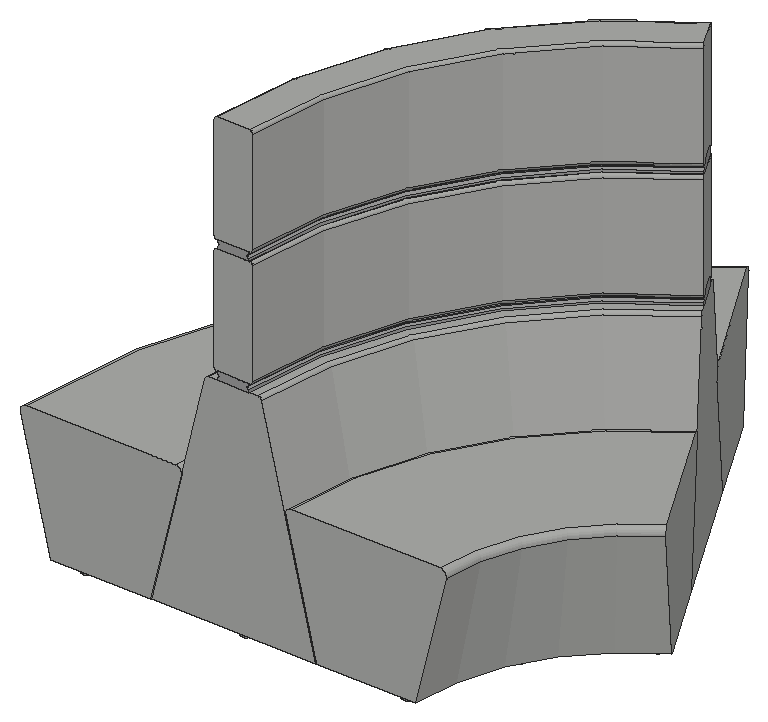
Revit family "Hive 60° Double Bench, Full Base, Two Screens", category Furniture, Revit 2020 (continued)
Automatic sketch dimensions
  Blend 11 sketch curve to Blend 11 sketch curve = 0' - 1.07"  (x2)
  plane 7 to Blend 11 sketch curve = 0' - 0.78406"
  Blend 11 sketch curve to Blend 11 sketch curve = 0' - 0.94488"  (x2)
  Blend 12 sketch curve to plane 7 = 0' - 0.718"
  Blend 12 sketch curve to Blend 12 sketch curve = 0' - 1.07"  (x2)
  Blend 12 sketch curve to plane 7 = 0' - 0.78406"
  Blend 12 sketch curve to Blend 12 sketch curve = 0' - 0.94488"  (x2)
  Extrusion 13 sketch curve to plane 7 = 0' - 0.2665"
  Extrusion 13 sketch curve to Extrusion 13 sketch curve = 0' - 0.09936"
  Extrusion 13 sketch curve to Extrusion 13 sketch curve = 0' - 0.12748"  (x2)
  Extrusion 13 sketch curve to Extrusion 13 sketch curve = 0' - 0.1223"
  Extrusion 13 sketch curve to Extrusion 13 sketch curve = 0' - 0.09937"
  Extrusion 13 sketch curve to Extrusion 13 sketch curve = 0' - 0.06075"
  Extrusion 13 sketch curve to Extrusion 13 sketch curve = 0' - 0"  (x2)
  plane 7 to Extrusion 13 sketch curve = 0' - 0.20185"
  Extrusion 13 sketch curve to Extrusion 13 sketch curve = 0' - 0.06465"
  plane 7 to Extrusion 14 sketch curve = 0' - 0.84957"
  Extrusion 14 sketch curve to Extrusion 14 sketch curve = 0' - 0.1165"  (x2)
  Extrusion 14 sketch curve to Extrusion 14 sketch curve = 0' - 0.06978"
  Extrusion 14 sketch curve to Extrusion 14 sketch curve = 0' - 0.12"  (x2)
  Extrusion 14 sketch curve to Extrusion 14 sketch curve = 0' - 0.07372"
  Extrusion 14 sketch curve to Extrusion 14 sketch curve = 0' - 0.03224"
  Extrusion 14 sketch curve to Extrusion 14 sketch curve = 0' - 0.2815"
  Extrusion 14 sketch curve to Extrusion 14 sketch curve = 0' - 0.34598"
  Extrusion 14 sketch curve to Extrusion 14 sketch curve = 0' - 0.295"
  Extrusion 15 sketch curve to plane 7 = 0' - 0.84957"
  Extrusion 15 sketch curve to Extrusion 15 sketch curve = 0' - 0.1165"  (x2)
  Extrusion 15 sketch curve to Extrusion 15 sketch curve = 0' - 0.06978"
  Extrusion 15 sketch curve to Extrusion 15 sketch curve = 0' - 0.12"  (x2)
  Extrusion 15 sketch curve to Extrusion 15 sketch curve = 0' - 0.07372"
  Extrusion 15 sketch curve to Extrusion 15 sketch curve = 0' - 0.03224"
  Extrusion 15 sketch curve to Extrusion 15 sketch curve = 0' - 0.2815"
  Extrusion 15 sketch curve to Extrusion 15 sketch curve = 0' - 0.34598"
  Extrusion 15 sketch curve to Extrusion 15 sketch curve = 0' - 0.295"
  plane 7 to Extrusion 22 sketch curve = 0' - 2 7/8"
  Extrusion 22 sketch curve to plane 3 "Center Left/Right" = 2' - 9.54462"
  Extrusion 22 sketch curve to Extrusion 22 sketch curve = 0' - 0 3/8"  (x3)
  Extrusion 22 sketch curve to Extrusion 22 sketch curve = 0' - 1 3/4"  (x2)
  Extrusion 22 sketch curve to plane 7 = 0' - 2 7/8"
  plane 7 to Blend 23 sketch curve = 0' - 0.718"
  Blend 23 sketch curve to plane 3 "Center Left/Right" = 2' - 8.82962"
  Blend 23 sketch curve to Blend 23 sketch curve = 0' - 1.07"  (x2)
  plane 7 to Blend 23 sketch curve = 0' - 0.78406"
  Blend 23 sketch curve to plane 3 "Center Left/Right" = 2' - 8.76356"
  Blend 23 sketch curve to Blend 23 sketch curve = 0' - 0.94488"  (x2)
  Blend 24 sketch curve to plane 7 = 0' - 0.718"
  Blend 24 sketch curve to plane 3 "Center Left/Right" = 2' - 8.82962"
  Blend 24 sketch curve to Blend 24 sketch curve = 0' - 1.07"  (x2)
  Blend 24 sketch curve to plane 7 = 0' - 0.78406"
  Blend 24 sketch curve to plane 3 "Center Left/Right" = 2' - 8.76356"
  Blend 24 sketch curve to Blend 24 sketch curve = 0' - 0.94488"  (x2)
  Extrusion 25 sketch curve to plane 7 = 0' - 0.2665"
  Extrusion 25 sketch curve to plane 3 "Center Left/Right" = 2' - 8.58262"
  Extrusion 25 sketch curve to Extrusion 25 sketch curve = 0' - 0.09936"
  Extrusion 25 sketch curve to Extrusion 25 sketch curve = 0' - 0.12748"  (x2)
  Extrusion 25 sketch curve to Extrusion 25 sketch curve = 0' - 0.1223"
  Extrusion 25 sketch curve to Extrusion 25 sketch curve = 0' - 0.09937"
  Extrusion 25 sketch curve to Extrusion 25 sketch curve = 0' - 0.06075"
  Extrusion 25 sketch curve to Extrusion 25 sketch curve = 0' - 0"  (x2)
  plane 7 to Extrusion 25 sketch curve = 0' - 0.20185"
  Extrusion 25 sketch curve to Extrusion 25 sketch curve = 0' - 0.06465"
  plane 7 to Extrusion 26 sketch curve = 0' - 0.84957"
  plane 18 to Extrusion 26 sketch curve = 2' - 6.40989"
  Extrusion 26 sketch curve to Extrusion 26 sketch curve = 0' - 0.1165"  (x2)
  Extrusion 26 sketch curve to Extrusion 26 sketch curve = 0' - 0.06978"
  Extrusion 26 sketch curve to Extrusion 26 sketch curve = 0' - 0.12"  (x2)
  Extrusion 26 sketch curve to Extrusion 26 sketch curve = 0' - 0.07372"
  Extrusion 26 sketch curve to Extrusion 26 sketch curve = 0' - 0.03224"
  Extrusion 26 sketch curve to Extrusion 26 sketch curve = 0' - 0.2815"
  Extrusion 26 sketch curve to Extrusion 26 sketch curve = 0' - 0.34598"
  Extrusion 26 sketch curve to Extrusion 26 sketch curve = 0' - 0.295"
  Extrusion 27 sketch curve to plane 7 = 0' - 0.84957"
  plane 18 to Extrusion 27 sketch curve = 2' - 6.40989"
  Extrusion 27 sketch curve to Extrusion 27 sketch curve = 0' - 0.1165"  (x2)
  Extrusion 27 sketch curve to Extrusion 27 sketch curve = 0' - 0.06978"
  Extrusion 27 sketch curve to Extrusion 27 sketch curve = 0' - 0.12"  (x2)
  Extrusion 27 sketch curve to Extrusion 27 sketch curve = 0' - 0.07372"
  Extrusion 27 sketch curve to Extrusion 27 sketch curve = 0' - 0.03224"
  Extrusion 27 sketch curve to Extrusion 27 sketch curve = 0' - 0.2815"
  Extrusion 27 sketch curve to Extrusion 27 sketch curve = 0' - 0.34598"
  Extrusion 27 sketch curve to Extrusion 27 sketch curve = 0' - 0.295"
  plane 10 to Extrusion 28 sketch curve = 0' - 1.30906"
  Extrusion 28 sketch curve to Extrusion 28 sketch curve = 0' - 0 3/8"  (x3)
  Extrusion 28 sketch curve to plane 10 = 0' - 0.81594"  (x2)
  plane 9 to Extrusion 28 sketch curve = 0' - 4 7/16"
  Extrusion 28 sketch curve to Extrusion 28 sketch curve = 0' - 5 3/4"
  plane 10 to Blend 29 sketch curve = 0' - 0.59406"
  Blend 29 sketch curve to plane 10 = 0' - 0.47594"
  plane 9 to Blend 29 sketch curve = 0' - 8.4055"
  Blend 29 sketch curve to Blend 29 sketch curve = 0' - 1.07"
  plane 10 to Blend 29 sketch curve = 0' - 0.528"
  Blend 29 sketch curve to plane 10 = 0' - 0.41688"
  plane 9 to Blend 29 sketch curve = 0' - 8.47156"
  Blend 29 sketch curve to Blend 29 sketch curve = 0' - 0.94488"
  plane 10 to Blend 30 sketch curve = 0' - 0.59406"
  Blend 30 sketch curve to plane 10 = 0' - 0.47594"
  plane 9 to Blend 30 sketch curve = 0' - 5.8995"
  Blend 30 sketch curve to Blend 30 sketch curve = 0' - 1.07"
  plane 10 to Blend 30 sketch curve = 0' - 0.528"
  Blend 30 sketch curve to plane 10 = 0' - 0.41688"
  plane 9 to Blend 30 sketch curve = 0' - 5.95856"
  Blend 30 sketch curve to Blend 30 sketch curve = 0' - 0.94488"
  plane 10 to Extrusion 31 sketch curve = 0' - 0.34706"
  Extrusion 31 sketch curve to Extrusion 31 sketch curve = 0' - 0.09936"
  plane 10 to Extrusion 31 sketch curve = 0' - 0.12022"
  Extrusion 31 sketch curve to plane 10 = 0' - 0.00209"
  Extrusion 31 sketch curve to Extrusion 31 sketch curve = 0' - 0.12748"
  Extrusion 31 sketch curve to Extrusion 31 sketch curve = 0' - 0.09937"
  plane 9 to Extrusion 31 sketch curve = 0' - 7.421"
  Extrusion 31 sketch curve to Extrusion 31 sketch curve = 0' - 0.06075"
  Extrusion 31 sketch curve to Extrusion 31 sketch curve = 0' - 0"  (x2)
  Extrusion 31 sketch curve to Extrusion 31 sketch curve = 0' - 0.4076"
  Extrusion 31 sketch curve to Extrusion 31 sketch curve = 0' - 0.06465"
  plane 10 to Extrusion 32 sketch curve = 0' - 0.36184"
  Extrusion 32 sketch curve to Extrusion 32 sketch curve = 0' - 0.1165"  (x2)
  plane 10 to Extrusion 32 sketch curve = 0' - 0.17556"
  plane 10 to Extrusion 32 sketch curve = 0' - 0.05556"
  Extrusion 32 sketch curve to plane 10 = 0' - 0.13816"
  plane 9 to Extrusion 32 sketch curve = 0' - 8.53707"
  Extrusion 32 sketch curve to Extrusion 32 sketch curve = 0' - 0.03224"
  Extrusion 32 sketch curve to Extrusion 32 sketch curve = 0' - 0.2815"
  Extrusion 32 sketch curve to Extrusion 32 sketch curve = 0' - 0.34598"
  Extrusion 32 sketch curve to Extrusion 32 sketch curve = 0' - 0.295"
  Extrusion 32 sketch curve to Extrusion 32 sketch curve = 0' - 0.12"
  plane 10 to Extrusion 33 sketch curve = 0' - 0.36184"
  Extrusion 33 sketch curve to Extrusion 33 sketch curve = 0' - 0.1165"  (x2)
  plane 10 to Extrusion 33 sketch curve = 0' - 0.17556"
  plane 10 to Extrusion 33 sketch curve = 0' - 0.05556"
  Extrusion 33 sketch curve to plane 10 = 0' - 0.13816"
  plane 9 to Extrusion 33 sketch curve = 0' - 6.07694"
  Extrusion 33 sketch curve to Extrusion 33 sketch curve = 0' - 0.12"
  Extrusion 33 sketch curve to Extrusion 33 sketch curve = 0' - 0.295"
  Extrusion 33 sketch curve to Extrusion 33 sketch curve = 0' - 0.32724"
  Extrusion 33 sketch curve to Extrusion 33 sketch curve = 0' - 0.2815"
  Extrusion 33 sketch curve to Extrusion 33 sketch curve = 0' - 0.34598"
  plane 10 to Extrusion 34 sketch curve = 0' - 1.30906"
  Extrusion 34 sketch curve to Extrusion 34 sketch curve = 0' - 0 3/8"  (x3)
  Extrusion 34 sketch curve to plane 10 = 0' - 0.81594"  (x2)
  plane 9 to Extrusion 34 sketch curve = 1' - 6 13/16"
  Extrusion 34 sketch curve to Extrusion 34 sketch curve = 0' - 5 3/4"
  plane 10 to Blend 35 sketch curve = 0' - 0.59406"
  Blend 35 sketch curve to plane 10 = 0' - 0.47594"
  plane 9 to Blend 35 sketch curve = 1' - 10.7805"
  Blend 35 sketch curve to Blend 35 sketch curve = 0' - 1.07"
  plane 10 to Blend 35 sketch curve = 0' - 0.528"
  Blend 35 sketch curve to plane 10 = 0' - 0.41688"
  plane 9 to Blend 35 sketch curve = 1' - 10.84656"
  Blend 35 sketch curve to Blend 35 sketch curve = 0' - 0.94488"
  plane 10 to Blend 36 sketch curve = 0' - 0.59406"
  Blend 36 sketch curve to plane 10 = 0' - 0.47594"
  plane 9 to Blend 36 sketch curve = 1' - 8.2745"
  Blend 36 sketch curve to Blend 36 sketch curve = 0' - 1.07"
  plane 10 to Blend 36 sketch curve = 0' - 0.528"
  Blend 36 sketch curve to plane 10 = 0' - 0.41688"
  plane 9 to Blend 36 sketch curve = 1' - 8.33356"
  Blend 36 sketch curve to Blend 36 sketch curve = 0' - 0.94488"
  plane 10 to Extrusion 37 sketch curve = 0' - 0.34706"
  Extrusion 37 sketch curve to Extrusion 37 sketch curve = 0' - 0.09936"
  plane 10 to Extrusion 37 sketch curve = 0' - 0.12022"
  Extrusion 37 sketch curve to plane 10 = 0' - 0.00209"
  Extrusion 37 sketch curve to Extrusion 37 sketch curve = 0' - 0.12748"
  Extrusion 37 sketch curve to Extrusion 37 sketch curve = 0' - 0.09937"
  plane 9 to Extrusion 37 sketch curve = 1' - 9.796"
  Extrusion 37 sketch curve to Extrusion 37 sketch curve = 0' - 0.06075"
  Extrusion 37 sketch curve to Extrusion 37 sketch curve = 0' - 0"  (x2)
  Extrusion 37 sketch curve to Extrusion 37 sketch curve = 0' - 0.4076"
  Extrusion 37 sketch curve to Extrusion 37 sketch curve = 0' - 0.06465"
  plane 10 to Extrusion 38 sketch curve = 0' - 0.36184"
  Extrusion 38 sketch curve to Extrusion 38 sketch curve = 0' - 0.1165"  (x2)
  plane 10 to Extrusion 38 sketch curve = 0' - 0.17556"
  plane 10 to Extrusion 38 sketch curve = 0' - 0.05556"
  Extrusion 38 sketch curve to plane 10 = 0' - 0.13816"
  plane 9 to Extrusion 38 sketch curve = 1' - 10.91207"
  Extrusion 38 sketch curve to Extrusion 38 sketch curve = 0' - 0.03224"
  Extrusion 38 sketch curve to Extrusion 38 sketch curve = 0' - 0.2815"
  Extrusion 38 sketch curve to Extrusion 38 sketch curve = 0' - 0.34598"
  Extrusion 38 sketch curve to Extrusion 38 sketch curve = 0' - 0.295"
  Extrusion 38 sketch curve to Extrusion 38 sketch curve = 0' - 0.12"
  plane 10 to Extrusion 39 sketch curve = 0' - 0.36184"
  Extrusion 39 sketch curve to Extrusion 39 sketch curve = 0' - 0.1165"  (x2)
  plane 10 to Extrusion 39 sketch curve = 0' - 0.17556"
  plane 10 to Extrusion 39 sketch curve = 0' - 0.05556"
  Extrusion 39 sketch curve to plane 10 = 0' - 0.13816"
  plane 9 to Extrusion 39 sketch curve = 1' - 8.45194"
  Extrusion 39 sketch curve to Extrusion 39 sketch curve = 0' - 0.12"
  Extrusion 39 sketch curve to Extrusion 39 sketch curve = 0' - 0.295"
  Extrusion 39 sketch curve to Extrusion 39 sketch curve = 0' - 0.32724"
  Extrusion 39 sketch curve to Extrusion 39 sketch curve = 0' - 0.2815"
  Extrusion 39 sketch curve to Extrusion 39 sketch curve = 0' - 0.34598"
  curve 1 to curve 2 = 0' - 0"  (x2)
  curve 1 to curve 3 = 0' - 0"  (x2)
  curve 1 to curve 4 = 0' - 0"  (x2)
  curve 1 to curve 5 = 0' - 0"  (x2)
  curve 2 to curve 3 = 0' - 0"  (x2)
  curve 2 to curve 4 = 0' - 0"  (x2)
  curve 2 to curve 5 = 0' - 0"  (x2)
  curve 3 to curve 4 = 0' - 0"  (x2)
  curve 3 to curve 5 = 0' - 0"  (x2)
  curve 4 to curve 5 = 0' - 0"  (x2)
  plane 1 "Center Front/Back" to curve 2 = 0' - 0"
  curve 2 to plane 3 "Center Left/Right" = 0' - 0"
  Revolve 40 sketch curve to plane 7 = 0' - 0"
  Revolve 40 sketch curve to plane 9 = 0' - 0"
  Revolve 40 sketch curve to plane 3 "Center Left/Right" = 0' - 0"
  Revolve 40 sketch curve to plane 3 "Center Left/Right" = 3' - 4.38242"
  Revolve 40 sketch curve to plane 9 = 0' - 0.37904"  (x2)
  Revolve 40 sketch curve to Revolve 40 sketch curve = 0' - 4.59598"
  Revolve 40 sketch curve to plane 9 = 0' - 0 1/2"  (x2)
  Revolve 40 sketch curve to Revolve 40 sketch curve = 0' - 5.96972"
  Revolve 40 sketch curve to Revolve 40 sketch curve = 1' - 4.13197"
  plane 9 to Revolve 40 sketch curve = 1' - 3 3/8"
  Revolve 40 sketch curve to Revolve 40 sketch curve = 1' - 1 3/8"
  Revolve 41 sketch curve to plane 8 = 0' - 0"
  Revolve 41 sketch curve to plane 6 = 0' - 0"
  Revolve 41 sketch curve to plane 3 "Center Left/Right" = 0' - 0"
  Revolve 41 sketch curve to plane 8 = 0' - 0.93144"  (x2)
  Revolve 41 sketch curve to plane 3 "Center Left/Right" = 4' - 6.82129"
  Revolve 41 sketch curve to Revolve 41 sketch curve = 0' - 0.72772"
  Revolve 41 sketch curve to Revolve 41 sketch curve = 0' - 3.69468"
  Revolve 41 sketch curve to Revolve 41 sketch curve = 1' - 0.25696"
  Revolve 41 sketch curve to plane 8 = 0' - 0 3/4"
  Revolve 41 sketch curve to Revolve 41 sketch curve = 0' - 2.96696"
  Revolve 41 sketch curve to level = 2' - 0"
  plane 9 to Revolve 41 sketch curve = 5' - 7.33184"
  Revolve 42 sketch curve to plane 7 = 0' - 0"
  Revolve 42 sketch curve to plane 8 = 0' - 0"
  Revolve 42 sketch curve to plane 3 "Center Left/Right" = 0' - 0"
  Revolve 42 sketch curve to plane 8 = 0' - 0.93144"
  Revolve 42 sketch curve to plane 3 "Center Left/Right" = 4' - 6.79874"
  Revolve 42 sketch curve to Revolve 42 sketch curve = 0' - 0.72772"
  Revolve 42 sketch curve to Revolve 42 sketch curve = 0' - 1.71564"
  Revolve 42 sketch curve to Revolve 42 sketch curve = 1' - 6.15486"
  Revolve 42 sketch curve to Revolve 42 sketch curve = 0' - 0 3/8"  (x2)
  Revolve 42 sketch curve to level = 2' - 0"
  plane 9 to Revolve 42 sketch curve = 5' - 7.33184"
  Revolve 43 sketch curve to plane 9 = 0' - 0"
  Revolve 43 sketch curve to plane 3 "Center Left/Right" = 0' - 0"
  plane 6 to Revolve 43 sketch curve = 0' - 0.01168"
  Revolve 43 sketch curve to plane 3 "Center Left/Right" = 3' - 2.40629"
  Revolve 43 sketch curve to plane 9 = 0' - 0.37904"  (x2)
  Revolve 43 sketch curve to Revolve 43 sketch curve = 0' - 6.57211"
  Revolve 43 sketch curve to plane 9 = 0' - 0 1/2"  (x2)
  Revolve 43 sketch curve to Revolve 43 sketch curve = 0' - 5.96972"
  Revolve 43 sketch curve to Revolve 43 sketch curve = 1' - 8.08423"
  plane 9 to Revolve 43 sketch curve = 1' - 3 3/8"
  Revolve 43 sketch curve to Revolve 43 sketch curve = 1' - 1 3/8"
  Extrusion 44 sketch curve to plane 10 = 0' - 1.30906"
  Extrusion 44 sketch curve to Extrusion 44 sketch curve = 0' - 0 3/8"  (x3)
  plane 10 to Extrusion 44 sketch curve = 0' - 0.81594"  (x2)
  plane 9 to Extrusion 44 sketch curve = 0' - 4 7/16"
  Extrusion 44 sketch curve to Extrusion 44 sketch curve = 0' - 5 3/4"
  Blend 45 sketch curve to plane 10 = 0' - 0.59406"
  plane 10 to Blend 45 sketch curve = 0' - 0.47594"
  plane 9 to Blend 45 sketch curve = 0' - 8.4055"
  Blend 45 sketch curve to Blend 45 sketch curve = 0' - 1.07"
  Blend 45 sketch curve to plane 10 = 0' - 0.528"
  plane 10 to Blend 45 sketch curve = 0' - 0.41688"
  plane 9 to Blend 45 sketch curve = 0' - 8.47156"
  Blend 45 sketch curve to Blend 45 sketch curve = 0' - 0.94488"
  Blend 46 sketch curve to plane 10 = 0' - 0.59406"
  plane 10 to Blend 46 sketch curve = 0' - 0.47594"
  plane 9 to Blend 46 sketch curve = 0' - 5.8995"
  Blend 46 sketch curve to Blend 46 sketch curve = 0' - 1.07"
  Blend 46 sketch curve to plane 10 = 0' - 0.528"
  plane 10 to Blend 46 sketch curve = 0' - 0.41688"
  plane 9 to Blend 46 sketch curve = 0' - 5.95856"
  Blend 46 sketch curve to Blend 46 sketch curve = 0' - 0.94488"
  Extrusion 47 sketch curve to plane 10 = 0' - 0.34706"
  Extrusion 47 sketch curve to Extrusion 47 sketch curve = 0' - 0.09936"
  Extrusion 47 sketch curve to plane 10 = 0' - 0.12022"
  plane 10 to Extrusion 47 sketch curve = 0' - 0.00209"
  Extrusion 47 sketch curve to Extrusion 47 sketch curve = 0' - 0.12748"
  Extrusion 47 sketch curve to Extrusion 47 sketch curve = 0' - 0.09937"
  plane 9 to Extrusion 47 sketch curve = 0' - 7.421"
  Extrusion 47 sketch curve to Extrusion 47 sketch curve = 0' - 0.06075"
  Extrusion 47 sketch curve to Extrusion 47 sketch curve = 0' - 0"  (x2)
  Extrusion 47 sketch curve to Extrusion 47 sketch curve = 0' - 0.4076"
  Extrusion 47 sketch curve to Extrusion 47 sketch curve = 0' - 0.06465"
  Extrusion 48 sketch curve to plane 10 = 0' - 0.36184"
  Extrusion 48 sketch curve to Extrusion 48 sketch curve = 0' - 0.1165"  (x2)
  Extrusion 48 sketch curve to plane 10 = 0' - 0.17556"
  Extrusion 48 sketch curve to plane 10 = 0' - 0.05556"
  plane 10 to Extrusion 48 sketch curve = 0' - 0.13816"
  plane 9 to Extrusion 48 sketch curve = 0' - 8.53707"
  Extrusion 48 sketch curve to Extrusion 48 sketch curve = 0' - 0.03224"
  Extrusion 48 sketch curve to Extrusion 48 sketch curve = 0' - 0.2815"
  Extrusion 48 sketch curve to Extrusion 48 sketch curve = 0' - 0.34598"
  Extrusion 48 sketch curve to Extrusion 48 sketch curve = 0' - 0.295"
  Extrusion 48 sketch curve to Extrusion 48 sketch curve = 0' - 0.12"
  Extrusion 49 sketch curve to plane 10 = 0' - 0.36184"
  Extrusion 49 sketch curve to Extrusion 49 sketch curve = 0' - 0.1165"  (x2)
  Extrusion 49 sketch curve to plane 10 = 0' - 0.17556"
  Extrusion 49 sketch curve to plane 10 = 0' - 0.05556"
  plane 10 to Extrusion 49 sketch curve = 0' - 0.13816"
  plane 9 to Extrusion 49 sketch curve = 0' - 6.07694"
  Extrusion 49 sketch curve to Extrusion 49 sketch curve = 0' - 0.12"
  Extrusion 49 sketch curve to Extrusion 49 sketch curve = 0' - 0.295"
  Extrusion 49 sketch curve to Extrusion 49 sketch curve = 0' - 0.32724"
  Extrusion 49 sketch curve to Extrusion 49 sketch curve = 0' - 0.2815"
  Extrusion 49 sketch curve to Extrusion 49 sketch curve = 0' - 0.34598"
  Extrusion 50 sketch curve to plane 10 = 0' - 1.30906"
  Extrusion 50 sketch curve to Extrusion 50 sketch curve = 0' - 0 3/8"  (x3)
  plane 10 to Extrusion 50 sketch curve = 0' - 0.81594"  (x2)
  plane 9 to Extrusion 50 sketch curve = 1' - 6 13/16"
  Extrusion 50 sketch curve to Extrusion 50 sketch curve = 0' - 5 3/4"
  Blend 51 sketch curve to plane 10 = 0' - 0.59406"
  plane 10 to Blend 51 sketch curve = 0' - 0.47594"
  plane 9 to Blend 51 sketch curve = 1' - 10.7805"
  Blend 51 sketch curve to Blend 51 sketch curve = 0' - 1.07"
  Blend 51 sketch curve to plane 10 = 0' - 0.528"
  plane 10 to Blend 51 sketch curve = 0' - 0.41688"
  plane 9 to Blend 51 sketch curve = 1' - 10.84656"
  Blend 51 sketch curve to Blend 51 sketch curve = 0' - 0.94488"
  Blend 52 sketch curve to plane 10 = 0' - 0.59406"
  plane 10 to Blend 52 sketch curve = 0' - 0.47594"
  plane 9 to Blend 52 sketch curve = 1' - 8.2745"
  Blend 52 sketch curve to Blend 52 sketch curve = 0' - 1.07"
  Blend 52 sketch curve to plane 10 = 0' - 0.528"
  plane 10 to Blend 52 sketch curve = 0' - 0.41688"
  plane 9 to Blend 52 sketch curve = 1' - 8.33356"
  Blend 52 sketch curve to Blend 52 sketch curve = 0' - 0.94488"
  Extrusion 53 sketch curve to plane 10 = 0' - 0.34706"
  Extrusion 53 sketch curve to Extrusion 53 sketch curve = 0' - 0.09936"
  Extrusion 53 sketch curve to plane 10 = 0' - 0.12022"
  plane 10 to Extrusion 53 sketch curve = 0' - 0.00209"
  Extrusion 53 sketch curve to Extrusion 53 sketch curve = 0' - 0.12748"
  Extrusion 53 sketch curve to Extrusion 53 sketch curve = 0' - 0.09937"
  plane 9 to Extrusion 53 sketch curve = 1' - 9.796"
  Extrusion 53 sketch curve to Extrusion 53 sketch curve = 0' - 0.06075"
  Extrusion 53 sketch curve to Extrusion 53 sketch curve = 0' - 0"  (x2)
  Extrusion 53 sketch curve to Extrusion 53 sketch curve = 0' - 0.4076"
  Extrusion 53 sketch curve to Extrusion 53 sketch curve = 0' - 0.06465"
  Extrusion 54 sketch curve to plane 10 = 0' - 0.36184"
  Extrusion 54 sketch curve to Extrusion 54 sketch curve = 0' - 0.1165"  (x2)
  Extrusion 54 sketch curve to plane 10 = 0' - 0.17556"
  Extrusion 54 sketch curve to plane 10 = 0' - 0.05556"
  plane 10 to Extrusion 54 sketch curve = 0' - 0.13816"
  plane 9 to Extrusion 54 sketch curve = 1' - 10.91207"
  Extrusion 54 sketch curve to Extrusion 54 sketch curve = 0' - 0.03224"
  Extrusion 54 sketch curve to Extrusion 54 sketch curve = 0' - 0.2815"
  Extrusion 54 sketch curve to Extrusion 54 sketch curve = 0' - 0.34598"
  Extrusion 54 sketch curve to Extrusion 54 sketch curve = 0' - 0.295"
  Extrusion 54 sketch curve to Extrusion 54 sketch curve = 0' - 0.12"
  Extrusion 55 sketch curve to plane 10 = 0' - 0.36184"
  Extrusion 55 sketch curve to Extrusion 55 sketch curve = 0' - 0.1165"  (x2)
  Extrusion 55 sketch curve to plane 10 = 0' - 0.17556"
  Extrusion 55 sketch curve to plane 10 = 0' - 0.05556"
  plane 10 to Extrusion 55 sketch curve = 0' - 0.13816"
  plane 9 to Extrusion 55 sketch curve = 1' - 8.45194"
  Extrusion 55 sketch curve to Extrusion 55 sketch curve = 0' - 0.12"
  Extrusion 55 sketch curve to Extrusion 55 sketch curve = 0' - 0.295"
  Extrusion 55 sketch curve to Extrusion 55 sketch curve = 0' - 0.32724"
  Extrusion 55 sketch curve to Extrusion 55 sketch curve = 0' - 0.2815"
  Extrusion 55 sketch curve to Extrusion 55 sketch curve = 0' - 0.34598"
  plane 7 to Extrusion 56 sketch curve = 0' - 2 7/8"
  Extrusion 56 sketch curve to Extrusion 56 sketch curve = 0' - 0 3/8"  (x3)
  Extrusion 56 sketch curve to Extrusion 56 sketch curve = 0' - 1 3/4"  (x2)
  Extrusion 56 sketch curve to plane 7 = 0' - 2 7/8"
  plane 7 to Blend 57 sketch curve = 0' - 0.718"
  Blend 57 sketch curve to Blend 57 sketch curve = 0' - 1.07"  (x2)
  plane 7 to Blend 57 sketch curve = 0' - 0.78406"
  Blend 57 sketch curve to Blend 57 sketch curve = 0' - 0.94488"  (x2)
  Blend 58 sketch curve to plane 7 = 0' - 0.718"
  Blend 58 sketch curve to Blend 58 sketch curve = 0' - 1.07"  (x2)
  Blend 58 sketch curve to plane 7 = 0' - 0.78406"
  Blend 58 sketch curve to Blend 58 sketch curve = 0' - 0.94488"  (x2)
  Extrusion 59 sketch curve to plane 7 = 0' - 0.2665"
  Extrusion 59 sketch curve to Extrusion 59 sketch curve = 0' - 0.09936"
  Extrusion 59 sketch curve to Extrusion 59 sketch curve = 0' - 0.12748"  (x2)
  Extrusion 59 sketch curve to Extrusion 59 sketch curve = 0' - 0.1223"
  Extrusion 59 sketch curve to Extrusion 59 sketch curve = 0' - 0.09937"
  Extrusion 59 sketch curve to Extrusion 59 sketch curve = 0' - 0.06075"
  Extrusion 59 sketch curve to Extrusion 59 sketch curve = 0' - 0"  (x2)
  plane 7 to Extrusion 59 sketch curve = 0' - 0.20185"
  Extrusion 59 sketch curve to Extrusion 59 sketch curve = 0' - 0.06465"
  plane 7 to Extrusion 60 sketch curve = 0' - 0.84957"
  Extrusion 60 sketch curve to Extrusion 60 sketch curve = 0' - 0.1165"  (x2)
  Extrusion 60 sketch curve to Extrusion 60 sketch curve = 0' - 0.06978"
  Extrusion 60 sketch curve to Extrusion 60 sketch curve = 0' - 0.12"  (x2)
  Extrusion 60 sketch curve to Extrusion 60 sketch curve = 0' - 0.07372"
  Extrusion 60 sketch curve to Extrusion 60 sketch curve = 0' - 0.03224"
  Extrusion 60 sketch curve to Extrusion 60 sketch curve = 0' - 0.2815"
  Extrusion 60 sketch curve to Extrusion 60 sketch curve = 0' - 0.34598"
  Extrusion 60 sketch curve to Extrusion 60 sketch curve = 0' - 0.295"
  Extrusion 61 sketch curve to plane 7 = 0' - 0.84957"
  Extrusion 61 sketch curve to Extrusion 61 sketch curve = 0' - 0.1165"  (x2)
  Extrusion 61 sketch curve to Extrusion 61 sketch curve = 0' - 0.06978"
  Extrusion 61 sketch curve to Extrusion 61 sketch curve = 0' - 0.12"  (x2)
  Extrusion 61 sketch curve to Extrusion 61 sketch curve = 0' - 0.07372"
  Extrusion 61 sketch curve to Extrusion 61 sketch curve = 0' - 0.03224"
  Extrusion 61 sketch curve to Extrusion 61 sketch curve = 0' - 0.2815"
  Extrusion 61 sketch curve to Extrusion 61 sketch curve = 0' - 0.34598"
  Extrusion 61 sketch curve to Extrusion 61 sketch curve = 0' - 0.295"
  plane 7 to Extrusion 62 sketch curve = 0' - 2 7/8"
  Extrusion 62 sketch curve to plane 3 "Center Left/Right" = 5' - 5.85753"
  Extrusion 62 sketch curve to Extrusion 62 sketch curve = 0' - 0 3/8"  (x3)
  Extrusion 62 sketch curve to Extrusion 62 sketch curve = 0' - 1 3/4"  (x2)
  Extrusion 62 sketch curve to plane 7 = 0' - 2 7/8"
  plane 7 to Blend 63 sketch curve = 0' - 0.718"
  Blend 63 sketch curve to plane 3 "Center Left/Right" = 5' - 5.14253"
  Blend 63 sketch curve to Blend 63 sketch curve = 0' - 1.07"  (x2)
  plane 7 to Blend 63 sketch curve = 0' - 0.78406"
  Blend 63 sketch curve to plane 3 "Center Left/Right" = 5' - 5.07647"
  Blend 63 sketch curve to Blend 63 sketch curve = 0' - 0.94488"  (x2)
  Blend 64 sketch curve to plane 7 = 0' - 0.718"
  Blend 64 sketch curve to plane 3 "Center Left/Right" = 5' - 5.14253"
  Blend 64 sketch curve to Blend 64 sketch curve = 0' - 1.07"  (x2)
  Blend 64 sketch curve to plane 7 = 0' - 0.78406"
  Blend 64 sketch curve to plane 3 "Center Left/Right" = 5' - 5.07647"
  Blend 64 sketch curve to Blend 64 sketch curve = 0' - 0.94488"  (x2)
  Extrusion 65 sketch curve to plane 7 = 0' - 0.2665"
  Extrusion 65 sketch curve to plane 3 "Center Left/Right" = 5' - 4.89553"
  Extrusion 65 sketch curve to Extrusion 65 sketch curve = 0' - 0.09936"
  Extrusion 65 sketch curve to Extrusion 65 sketch curve = 0' - 0.12748"  (x2)
  Extrusion 65 sketch curve to Extrusion 65 sketch curve = 0' - 0.1223"
  Extrusion 65 sketch curve to Extrusion 65 sketch curve = 0' - 0.09937"
  Extrusion 65 sketch curve to Extrusion 65 sketch curve = 0' - 0.06075"
  Extrusion 65 sketch curve to Extrusion 65 sketch curve = 0' - 0"  (x2)
  plane 7 to Extrusion 65 sketch curve = 0' - 0.20185"
  Extrusion 65 sketch curve to Extrusion 65 sketch curve = 0' - 0.06465"
  plane 7 to Extrusion 66 sketch curve = 0' - 0.84957"
  Extrusion 66 sketch curve to plane 3 "Center Left/Right" = 5' - 4.91031"
  Extrusion 66 sketch curve to Extrusion 66 sketch curve = 0' - 0.1165"  (x2)
  Extrusion 66 sketch curve to Extrusion 66 sketch curve = 0' - 0.06978"
  Extrusion 66 sketch curve to Extrusion 66 sketch curve = 0' - 0.12"  (x2)
  Extrusion 66 sketch curve to Extrusion 66 sketch curve = 0' - 0.07372"
  Extrusion 66 sketch curve to Extrusion 66 sketch curve = 0' - 0.03224"
  Extrusion 66 sketch curve to Extrusion 66 sketch curve = 0' - 0.2815"
  Extrusion 66 sketch curve to Extrusion 66 sketch curve = 0' - 0.34598"
  Extrusion 66 sketch curve to Extrusion 66 sketch curve = 0' - 0.295"
  Extrusion 67 sketch curve to plane 7 = 0' - 0.84957"
  Extrusion 67 sketch curve to plane 3 "Center Left/Right" = 5' - 4.91031"
  Extrusion 67 sketch curve to Extrusion 67 sketch curve = 0' - 0.1165"  (x2)
  Extrusion 67 sketch curve to Extrusion 67 sketch curve = 0' - 0.06978"
  Extrusion 67 sketch curve to Extrusion 67 sketch curve = 0' - 0.12"  (x2)
  Extrusion 67 sketch curve to Extrusion 67 sketch curve = 0' - 0.07372"
  Extrusion 67 sketch curve to Extrusion 67 sketch curve = 0' - 0.03224"
  Extrusion 67 sketch curve to Extrusion 67 sketch curve = 0' - 0.2815"
  Extrusion 67 sketch curve to Extrusion 67 sketch curve = 0' - 0.34598"
  Extrusion 67 sketch curve to Extrusion 67 sketch curve = 0' - 0.295"
  plane 7 to Extrusion 68 sketch curve = 0' - 0.84957"
  Extrusion 68 sketch curve to plane 3 "Center Left/Right" = 5' - 4.91031"
  Extrusion 68 sketch curve to Extrusion 68 sketch curve = 0' - 0.1165"  (x2)
  Extrusion 68 sketch curve to Extrusion 68 sketch curve = 0' - 0.06978"
  Extrusion 68 sketch curve to Extrusion 68 sketch curve = 0' - 0.12"  (x2)
  Extrusion 68 sketch curve to Extrusion 68 sketch curve = 0' - 0.07372"
  Extrusion 68 sketch curve to Extrusion 68 sketch curve = 0' - 0.03224"
  Extrusion 68 sketch curve to Extrusion 68 sketch curve = 0' - 0.2815"
  Extrusion 68 sketch curve to Extrusion 68 sketch curve = 0' - 0.34598"
  Extrusion 68 sketch curve to Extrusion 68 sketch curve = 0' - 0.295"
  Extrusion 69 sketch curve to plane 7 = 0' - 0.84957"
  Extrusion 69 sketch curve to plane 3 "Center Left/Right" = 5' - 4.91031"
  Extrusion 69 sketch curve to Extrusion 69 sketch curve = 0' - 0.1165"  (x2)
  Extrusion 69 sketch curve to Extrusion 69 sketch curve = 0' - 0.06978"
  Extrusion 69 sketch curve to Extrusion 69 sketch curve = 0' - 0.12"  (x2)
  Extrusion 69 sketch curve to Extrusion 69 sketch curve = 0' - 0.07372"
  Extrusion 69 sketch curve to Extrusion 69 sketch curve = 0' - 0.03224"
  Extrusion 69 sketch curve to Extrusion 69 sketch curve = 0' - 0.2815"
  Extrusion 69 sketch curve to Extrusion 69 sketch curve = 0' - 0.34598"
  Extrusion 69 sketch curve to Extrusion 69 sketch curve = 0' - 0.295"
  Extrusion 70 sketch curve to plane 4 "LegLeftOffset" = 0' - 0"  (x3)
  Extrusion 70 sketch curve to plane 3 "Center Left/Right" = 5' - 11.90423"
  Extrusion 70 sketch curve to Extrusion 70 sketch curve = 1' - 11.36579"
  Extrusion 70 sketch curve to Extrusion 70 sketch curve = 2' - 0.03953"
  Extrusion 71 sketch curve to plane 4 "LegLeftOffset" = 0' - 0"  (x3)
  Extrusion 71 sketch curve to plane 3 "Center Left/Right" = 5' - 7.90227"
  Extrusion 71 sketch curve to Extrusion 71 sketch curve = 1' - 7.36383"
  Extrusion 71 sketch curve to Extrusion 71 sketch curve = 1' - 7.6627"
  Extrusion 72 sketch curve to plane 4 "LegLeftOffset" = 0' - 0"  (x3)
  Extrusion 72 sketch curve to plane 3 "Center Left/Right" = 5' - 11.90423"
  Extrusion 72 sketch curve to Extrusion 72 sketch curve = 1' - 11.36579"
  Extrusion 72 sketch curve to Extrusion 72 sketch curve = 2' - 0.03953"
  Extrusion 73 sketch curve to plane 18 = 0' - 0.40988"
  Extrusion 73 sketch curve to plane 16 = 0' - 8.17406"
  Extrusion 73 sketch curve to Extrusion 73 sketch curve = 1' - 1.70228"  (x2)
  Extrusion 73 sketch curve to Extrusion 73 sketch curve = 1' - 1.87679"  (x2)
  radius of Extrusion 1 sketch curve = 0' - 0 5/8"  (x3)
  radius of Extrusion 2 sketch curve = 0' - 0 3/4"  (x3)
  radius of Extrusion 9 sketch curve = 0' - 0 3/4"  (x3)
  radius of curve 1 = 2' - 0.59638"
  radius of curve 2 = 2' - 4.95849"
  radius of curve 3 = 4' - 0.58772"
  radius of curve 4 = 5' - 7 15/16"
  radius of curve 5 = 5' - 11 15/16"
  radius of Extrusion 70 sketch curve = 0' - 0 3/4"  (x3)
  radius of Extrusion 71 sketch curve = 0' - 0 3/4"  (x3)
  radius of Extrusion 72 sketch curve = 0' - 0 5/8"  (x3)
  radius of Extrusion 73 sketch curve = 0' - 0 3/4"  (x3)
